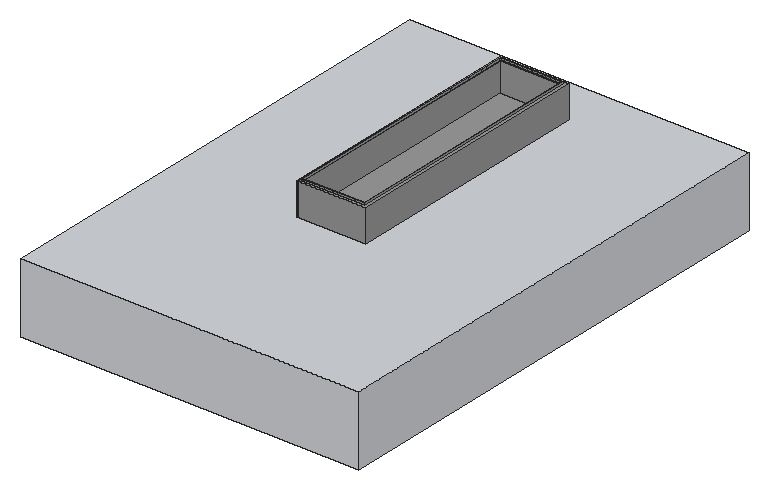
Revit family "Hager-Univers-IP30-D160-1x7rows-Cl.II-FWQ_encl_QS-AT-de", category Equipement électrique, Revit 2020
Family settings
  Hôte = Face
  Configuration du panneau = Deux colonnes, circuits au sein
  Cote de connecteur circulaire = Utiliser le diamètre
  Type d'élément = Tableau de raccordement
  Couper avec des vides une fois chargée = Non
  Partagée = Non
  Point de calcul de pièce = Non
Parameters (values of type "Aufputz IP30 B300 H1100 T160  - FWQ71D1")
  Width Control [instance] = if([EF000008 - Breite] > Min Width, [EF000008 - Breite], Min Width)  # 300 mm
  Commentaires du type = [HG000003 - Bereich]  # "Univers"
  Thickness Door [instance] = if([EF009171 - Materialstärke Tür/Deckel] > 3 mm, 3 mm, [EF009171 - Materialstärke Tür/Deckel])  # 2 mm
  Seal Frame Offset [instance] = 17 mm  # constant formula
  Plinth Visibility [instance] = [HG000027 - Sockelhöhe] > 0 mm  # no
  Model = ""
  Min Width [instance] = 100 mm  # constant formula
  Min Height [instance] = 100 mm  # constant formula
  Min Depth [instance] = (2 * [EF009170 - Materialstärke Gehäuse]) + 1 mm  # 5 mm
  Internal Frame Depth [instance] = (Door System Depth * 0.5)  # 9 mm
  Height Control [instance] = if([EF000040 - Höhe] > Min Height, [EF000040 - Höhe], Min Height)  # 1100 mm
  HG000027 - Sockelhöhe = 0 mm
  HG000026 - Stehend auf dem Boden = no
  HG000024 - Höhe des unteren Teils = 800 mm
  HG000023 - Gehäuse mit doppeltem Querschnitt = no
  HG000016 - 3D-Türsichtbarkeit [instance] = yes
  HG000015 - Sichtbarkeit der Türöffnung [instance] = no
  HG000014 - Tür rechts [instance] = yes
  HG000013 - Tür links [instance] = not([HG000014 - Tür rechts])  # no
  HG000012 - Türschwenkwinkel [instance] = 30.00°
  HG000010 - Asymmetrische Türen = no
  HG000009 - Doppelflügeligen Tür = no
  HG000006 - Unterputz = no
  HG000004 - Herstellerreferenz = "FWQ71D1"
  HG000003 - Bereich = "Univers"
  HG000002 - Mit tür = no
  Frame Offset Bottom [instance] = 10 mm  # constant formula
  Frame Offset [instance] = 15 mm  # constant formula
  EF015940 - Deckel mit Überdruckentlastung = no
  EF011959 - Schutzart (NEMA) = ""
  EF009554 - Anzahl der Öffnungen für Flanschplatten = 2
  Fabricant = "Hager"  # constant formula
  EF009212 - Ausführung Deckel = "EV009916 - mit Ausschnitt"
  EF009171 - Materialstärke Tür/Deckel = 2 mm
  EF009170 - Materialstärke Gehäuse = 2 mm
  EF008873 - Nennstrom (In) = 125 A
  EF007800 - Geeignet für Blitzschutz = no
  EF006306 - Mit Schloss = no
  EF006244 - Transparenter Deckel/Tür = no
  EF005474 - Schutzart (IP) = "EV006410 - IP30"
  EF004464 - Art der Tür = "EV002646 - Einzel"
  EF004427 - Anzahl der Module = 84
  EF004293 - Schlagfestigkeit = ""
  EF003532 - Geeignet für Außengebrauch = no
  EF002950 - Breite in Teilungseinheiten = 12
  EF001613 - Funktionserhalt = "EV000494 - ohne"
  EF001596 - Werkstoff des Gehäuses = "EV000179 - Stahl"
  EF001131 - Innentiefe = 160 mm
  EF001088 - Anbaumöglichkeit = yes
  EF000437 - Anzahl der Leitungseinführungen = 4
  EF000339 - Art der Abdeckung = "EV001012 - Deckel"
  EF000266 - Anzahl der Reihen = 7
  EF000218 - Einbautiefe = 0 mm
  EF000118 - Mit Montageplatte = yes
  EF000116 - RAL-Nummer = "9010"
  EF000049 - Tiefe = 160 mm
  EF000040 - Höhe = 1100 mm
  EF000008 - Breite = 300 mm
  EF000007 - Farbe = "EV000202 - weiß"
  EF000003 - Montageart = "EV000384 - Aufputz"
  Door System Leaf Tolerance [instance] = 1.5 mm  # constant formula
  Door System Depth [instance] = 18 mm  # constant formula
  Door Height [instance] = Height Control - [HG000027 - Sockelhöhe]  # 1100 mm
  Depth Control [instance] = if([EF000049 - Tiefe] > Min Depth, [EF000049 - Tiefe], Min Depth)  # 160 mm
  Default Elevation = 0 mm
  Connector Offset [instance] = Height Control / 2  # 550 mm
  Bottom Top Plate Trim [instance] = 1.5 mm  # constant formula
  Plinth height Ctrl [instance] = if([HG000027 - Sockelhöhe] > 0 mm, [HG000027 - Sockelhöhe], 12 mm)  # 12 mm
Reference planes
  plane 1 "Center (Front/Back)": y = 0
  plane 2: z = 0
  plane 3 "Center (Left/Right)": x = 0
  plane 4: z = 160
  plane 5: y = 2
  plane 6: y = 550
  plane 7: y = 0
  plane 8: y = 1100
  plane 9: z = 0
  plane 10: x = -135
  plane 11: x = 135
  plane 12: x = 133
  plane 13: x = -133
  plane 14: y = 1098
  plane 15: x = -133
  plane 16: x = -150
  plane 17: x = 133
  plane 18: x = 150
  plane 19: x = 148
  plane 20: x = -148
  plane 21: y = 12
  plane 22: y = 1100
  plane 23: y = 1083
  plane 24: z = 142
  plane 25: z = 2
  plane 26: z = 140
  plane 27: z = 158
Forms (mm)
  Extrusion 1, solid
    sketch origin (0, 0, 0) x (1, 0, 0) y (0, 1, 0)
      loop
        line (-702.964, 1305) -> (-702.964, -811.445) -> (766.763, -811.445) -> (766.763, 1305) -> (-702.964, 1305)
    from 0 to -304.8
  Extrusion 2, solid, material "Hager_Steel_RAL7035_Light_Grey", visible <- "Plinth Visibility", detail levels medium+fine
    sketch origin (0, 0, 0) x (1, 0, 0) y (0, 1, 0)
      loop
        line (-150, 0) -> (150, 0) -> (150, 12) -> (-150, 12) -> (-150, 0)
    from 0 to 142
  Extrusion 3, solid, material "Hager_Steel_RAL7035_Light_Grey", detail levels medium+fine
    sketch origin (0, 0, 0) x (1, 0, 0) y (0, 1, 0)
      loop
        line (-150, 0) -> (150, 0) -> (150, 1100) -> (-150, 1100) -> (-150, 0)
    from 0 to 142
  Extrusion 4, void
    sketch origin (0, 0, 0) x (1, 0, 0) y (0, 1, 0)
      loop
        line (-148, 2) -> (148, 2) -> (148, 1098) -> (-148, 1098) -> (-148, 2)
    from 2 to 140
  Extrusion 5, void
    sketch origin (-381.607, -4572, 142) x (0, -1, 0) y (-1, 0, 0)
      loop
        line (-4584, -248.607) -> (-5655, -248.607) -> (-5655, -514.607) -> (-4584, -514.607) -> (-4584, -248.607)
    from 0 to 2 <- "EF009170 - Materialstärke Gehäuse"
  Extrusion 6, solid, material "Hager_Steel_RAL7035_Light_Grey", detail levels fine
    sketch origin (0, 0, 142) x (1, 0, 0) y (0, 1, 0)
      loop
        line (-133, 1083) -> (-133, 12) -> (133, 12) -> (133, 1083) -> (-133, 1083)
      loop
        line (-135, 10) -> (135, 10) -> (135, 1085) -> (-135, 1085) -> (-135, 10)
    from 0 to 9 <- "Internal Frame Depth"
  Extrusion 7, solid, material "Hager_Steel_RAL7035_Light_Grey", detail levels coarse
    sketch origin (0, 0, 0) x (1, 0, 0) y (0, 1, 0)
      loop
        line (-150, 0) -> (150, 0) -> (150, 1100) -> (-150, 1100) -> (-150, 0)
    from 0 to 160
  Sweep 8, void
    path in 3D
      loop
        line (-150, 12, 0) -> (150, 12, 0) -> (150, 12, 142) -> (-150, 12, 142) -> (-150, 12, 0)
    profile origin (-150, 12, 71) x (-1, 0, 0) y (0, -1, 0)
      loop
        line (0, 0) -> (0, 1.5) -> (-1.5, 1.5)
        arc (-1.5, 1.5) -> (-1.061, 0.439) -> (0, 0) r 1.5
Cuts and joins
  Extrusion 4, Extrusion 5 cuts Extrusion 3
  Sweep 8 cuts Extrusion 2
Lines and regions (mm)
  Masking region 1
    outline origin (0, 0, 0) x (1, 0, 0) y (0, 0, 1)
      loop
        line (-150, 160) -> (-150, 0) -> (150, 0) -> (150, 160) -> (-150, 160)
  Masking region 2, detail levels medium+fine
    outline origin (0, 140, 0) x (0, 1, 0) y (0, 0, 1)
      loop
        line (-140, 0) -> (960, 0) -> (960, 142) -> (-140, 142) -> (-140, 0)
  Masking region 3, not visible, detail levels medium+fine
    outline origin (0, 297.922, 0) x (0, 1, 0) y (0, 0, 1)
      loop
        line (263.578, 0) -> (303.578, 0) -> (303.578, 148)
        arc (303.578, 148) -> (300.649, 155.071) -> (293.578, 158) r 10
        line (293.578, 158) -> (263.578, 158) -> (263.578, 0)
  Masking region 4, detail levels coarse
    outline origin (0, 0, 180) x (0, 1, 0) y (0, 0, 1)
      loop
        line (0, -180) -> (1100, -180) -> (1100, -20) -> (0, -20) -> (0, -180)
  Masking region 5, visible <- "Plinth Visibility", detail levels medium+fine
    outline origin (0, 52.24, 12.345) x (0, 0, -1) y (0, 1, 0)
      loop
        line (10.845, -40.24) -> (-128.155, -40.24)
        arc (-128.155, -40.24) -> (-128.594, -41.301) -> (-129.655, -41.74) r 1.5
        line (-129.655, -41.74) -> (-129.655, -52.24) -> (12.345, -52.24) -> (12.345, -41.74)
        arc (12.345, -41.74) -> (11.285, -41.301) -> (10.845, -40.24) r 1.5
  Masking region 6, detail levels medium+fine
    outline origin (-381.607, -4572, 142) x (-1, 0, 0) y (0, -1, 0)
      loop
        line (-231.607, -5672) -> (-231.607, -4572) -> (-531.607, -4572) -> (-531.607, -5672) -> (-231.607, -5672)
  Masking region 7, visible <- "Plinth Visibility", detail levels medium+fine
    outline origin (-381.607, -4727, 142) x (-1, 0, 0) y (0, -1, 0)
      loop
        arc (-233.107, -4739) -> (-232.668, -4737.939) -> (-231.607, -4737.5) r 1.5
        line (-231.607, -4737.5) -> (-231.607, -4727) -> (-531.607, -4727) -> (-531.607, -4737.5)
        arc (-531.607, -4737.5) -> (-530.546, -4737.939) -> (-530.107, -4739) r 1.5
        line (-530.107, -4739) -> (-233.107, -4739)
  Masking region 8, detail levels coarse
    outline origin (-442.548, -4669.526, 142) x (-1, 0, 0) y (0, -1, 0)
      loop
        line (-292.548, -5769.526) -> (-292.548, -4669.526) -> (-592.548, -4669.526) -> (-592.548, -5769.526) -> (-292.548, -5769.526)
  sketch lines
    curve 1: line (-150, 12, 142) -> (-150, 12, 0)
    curve 2: line (150, 12, 142) -> (-150, 12, 142)
    curve 3: line (150, 12, 142) -> (150, 12, 0)
    curve 4: line (-150, 12, 0) -> (150, 12, 0)
Dimensions and locks
  "Depth Control": plane 4 to Extrusion 1
  "HG000027 - Sockelhöhe": plane 1 "Center (Front/Back)" to plane 7
  "EF009170 - Materialstärke Gehäuse": plane 5 to plane 7
  locked: connector elem to plane 3 "Center (Left/Right)"
  equal spacing: plane 8, plane 6, plane 7
  locked: connector elem to plane 6
  "EF009170 - Materialstärke Gehäuse": plane 8 to plane 14
  "EF009170 - Materialstärke Gehäuse": plane 10 to plane 13
  "EF009170 - Materialstärke Gehäuse": plane 12 to plane 11
  "Frame Offset": plane 20 to plane 13
  "Frame Offset": plane 12 to plane 19
  "EF009170 - Materialstärke Gehäuse": plane 16 to plane 20
  "EF009170 - Materialstärke Gehäuse": plane 19 to plane 18
  "Seal Frame Offset": plane 16 to plane 15
  "Seal Frame Offset": plane 17 to plane 18
  "Frame Offset Bottom": plane 21 to plane 5
  "Frame Offset": plane 14 to plane 23
  equal spacing: plane 16, plane 3 "Center (Left/Right)", plane 18
  "Width Control": plane 16 to plane 18
  "EF009170 - Materialstärke Gehäuse": plane 4 to plane 27
  "EF009170 - Materialstärke Gehäuse": plane 24 to plane 26
  "EF009170 - Materialstärke Gehäuse": plane 25 to level
  "Door System Depth": plane 4 to plane 24
  "Height Control": plane 1 "Center (Front/Back)" to Extrusion 7 sketch curve
  "Height Control": Masking region 4 sketch curve to plane 1 "Center (Front/Back)"
  "Height Control": plane 1 "Center (Front/Back)" to plane 22
  "Bottom Top Plate Trim": profile plane to Sweep 8 sketch curve
  "Bottom Top Plate Trim": Sweep 8 sketch curve to profile plane
  "Plinth height Ctrl": plane 1 "Center (Front/Back)" to Extrusion 2 sketch curve
  "Plinth height Ctrl": Masking region 5 sketch curve to plane 1 "Center (Front/Back)"
  "Plinth height Ctrl": plane 1 "Center (Front/Back)" to Masking region 7 sketch curve
  "Thickness Door": Extrusion 6 sketch curve to Extrusion 6 sketch curve  (x3)
  "Thickness Door": cut or joined group of Extrusion 3, Extrusion 4, Extrusion 5 to Extrusion 6 sketch curve
  radius of Masking region 3 sketch curve = 10 mm
  "Bottom Top Plate Trim": radius of Masking region 5 sketch curve  (x2)
  "Bottom Top Plate Trim": radius of Sweep 8 sketch curve
  "Bottom Top Plate Trim": radius of Masking region 7 sketch curve  (x2)
  aligned and locked: plane 2 to Extrusion 1
  aligned and locked: level to Extrusion 1
  aligned and locked: level to Masking region 1 sketch curve
  aligned and locked: Masking region 1 sketch curve to plane 18
  aligned and locked: Masking region 1 sketch curve to plane 16
  aligned and locked: plane 7 to Masking region 2 sketch curve
  aligned and locked: level to Masking region 3 sketch curve
  aligned and locked: Masking region 3 sketch curve to plane 27
  aligned and locked: level to Masking region 2 sketch curve
  aligned and locked: plane 1 "Center (Front/Back)" to Extrusion 2 sketch curve
  aligned and locked: Extrusion 3 sketch curve to plane 7
  aligned and locked: plane 16 to Extrusion 3 sketch curve
  aligned and locked: plane 18 to Extrusion 3 sketch curve
  aligned and locked: plane 20 to Extrusion 4 sketch curve
  aligned and locked: plane 19 to Extrusion 4 sketch curve
  aligned and locked: Extrusion 4 sketch curve to plane 5
  aligned and locked: Extrusion 4 to plane 25
  aligned and locked: plane 26 to Extrusion 4
  aligned and locked: plane 24 to Extrusion 3
  aligned and locked: plane 21 to Extrusion 5 sketch curve
  aligned and locked: Extrusion 5 sketch curve to plane 13
  aligned and locked: Extrusion 5 sketch curve to plane 12
  aligned and locked: plane 18 to Extrusion 7 sketch curve
  aligned and locked: plane 1 "Center (Front/Back)" to Extrusion 7 sketch curve
  aligned and locked: plane 16 to Extrusion 7 sketch curve
  aligned and locked: plane 4 to Extrusion 7
  aligned and locked: Extrusion 7 to level
  aligned and locked: level to Masking region 4 sketch curve
  aligned and locked: Masking region 4 sketch curve to plane 1 "Center (Front/Back)"
  aligned and locked: Masking region 4 sketch curve to plane 4
  aligned and locked: nested 1 to level
  aligned and locked: nested 1 to plane 16
  aligned and locked: plane 8 to Extrusion 3 sketch curve
  aligned and locked: plane 23 to Extrusion 5 sketch curve
  aligned and locked: plane 14 to Extrusion 4 sketch curve
  aligned and locked: Masking region 2 sketch curve to plane 8
  aligned and locked: level to Masking region 5 sketch curve
  aligned and locked: plane 16 to Extrusion 2 sketch curve
  aligned and locked: plane 18 to Extrusion 2 sketch curve
  aligned and locked: Masking region 5 sketch curve to plane 24
  aligned and locked: Masking region 2 sketch curve to plane 24
  aligned and locked: plane 24 to Extrusion 2
  aligned and locked: profile plane to Sweep 8 sketch curve  (x2)
  aligned and locked: Masking region 6 sketch curve to plane 18
  aligned and locked: Masking region 6 sketch curve to plane 22
  aligned and locked: Masking region 6 sketch curve to plane 16
  aligned and locked: plane 8 to plane 22
  aligned and locked: plane 7 to Masking region 6 sketch curve
  aligned and locked: Masking region 7 sketch curve to plane 16
  aligned and locked: Masking region 7 sketch curve to plane 1 "Center (Front/Back)"
  aligned and locked: Masking region 7 sketch curve to plane 18
  aligned and locked: Masking region 8 sketch curve to plane 1 "Center (Front/Back)"
  aligned and locked: Masking region 8 sketch curve to plane 18
  aligned and locked: Masking region 8 sketch curve to plane 22
  aligned and locked: Masking region 8 sketch curve to plane 16
  aligned and locked: nested 2 to plane 7
  aligned and locked: plane 3 "Center (Left/Right)" to nested 2
  aligned and locked: plane 24 to nested 2
  aligned and locked: Extrusion 6 sketch curve to cut or joined group of Extrusion 3, Extrusion 4, Extrusion 5  (x4)
Automatic sketch dimensions
  Extrusion 1 sketch curve to Extrusion 1 sketch curve = 1469.727 mm
  Extrusion 1 sketch curve to Extrusion 1 sketch curve = 2116.445 mm
  Masking region 1 sketch curve to plane 4 = 0 mm
  plane 6 to Masking region 3 sketch curve = 11.5 mm
  Masking region 3 sketch curve to Masking region 3 sketch curve = 30 mm
  Masking region 5 sketch curve to plane 1 "Center (Front/Back)" = 0 mm
Nested families
  nested 1: "Hager_Enclosure_Symbol" at (-150, 0, 0) x (1, 0, 0) z (0, -1, 0), Height <- "Depth Control", Width <- "Width Control", type "Hager_Enclosure_Symbol"
    with Width_Ctrl 300 mm, Width 300 mm, Height_Ctrl 160 mm, Height 160 mm, A_Width_Int 10.5 mm, A_Width 126 mm, A_Height_Ctrl 140 mm, A_Height 140 mm
  nested 2: "EC000058_Univers_Door" at (0, 0, 142) x (1, 0, 0) z (0, 1, 0), Leaf_Tolerance <- "Door System Leaf Tolerance", Angle <- "HG000012 - Türschwenkwinkel", Door_Depth <- "Door System Depth", Door_Left <- "HG000013 - Tür links", Transparent <- "EF006244 - Transparenter Deckel/Tür", Assymetrical <- "HG000010 - Asymmetrische Türen", Width <- "Width Control", Clearance <- "HG000015 - Sichtbarkeit der Türöffnung", Double <- "HG000009 - Doppelflügeligen Tür", 3d_Door <- "HG000016 - 3D-Türsichtbarkeit", Lock_Visibility <- "EF006306 - Mit Schloss", Width_Ctrl <- "Width Control", Door_Right <- "HG000014 - Tür rechts", Door <- "HG000002 - Mit tür", Height <- "Door Height", Thickness <- "Thickness Door", type "EC000058_Univers_Door", detail levels medium+fine
    with min_wh 5 mm, Width_Ctrl 300 mm, Width 300 mm, Transparent no, Thickness 2 mm, Seal_Material Hager_Rubber, Lock_Visibility no, Lock_Material Hager_Plastic_RAL9005_Jet_Black, Leaf_Width 300 mm, Leaf_Tolerance_External_Sides 0 mm, Leaf_Tolerance 1.5 mm, Leaf_Offset 0 mm, Leaf_Height 1097 mm, Leaf_2_Width 300 mm, Leaf_2_Offset 150 mm, Leaf_1_Width 300 mm, Leaf_1_Offset 150 mm, Height_Ctrl 1100 mm, Height 1100 mm, Glass_Material Hager_Glass, Double_Clearance_Ctrl no, Double no, Door_Right_Ctrl no, Door_Right yes, Door_Material Hager_Steel_RAL7035_Light_Grey, Door_Left_Ctrl no, Door_Left no, Door_Depth 18 mm, Door no, Clearance_Material Hager_Clearance, Clearance_Depth 300 mm, Clearance_Ctrl no, Clearance no, Assymetrical no, Angle 30.00°, 3d_Door yes
Connectors
  electrical at (0, 550, 0)
    settings: on plane 9, index 1, voltage 0 V, apparent load 0 VA, apparent load phase1 0 VA, apparent load phase2 0 VA, apparent load phase3 0 VA, power factor 1, load classification "Other", number of poles 1, system type 30, power factor state 1, is connector primary yes, connector utility no, sub classification motor no, connector description ""
Definition of nested family "Hager_Enclosure_Symbol"
  Parameters (values of type "Hager_Enclosure_Symbol")
    Width_Ctrl [instance] = if(Width > 1 mm, Width, 1 mm)  # 102.27 mm
    Width [instance] = 102.27 mm
    Height_Ctrl [instance] = if(Height > 1 mm, Height, 1 mm)  # 66.5 mm
    A_Width_Int [instance] = if(A_Width / 12 > 2 mm, A_Width / 12, 2 mm)  # 4.364 mm
    A_Width [instance] = if(A_Height_Ctrl * 0.9 > 2 mm, A_Height_Ctrl * 0.9, 2 mm)  # 52.369 mm
    A_Height_Ctrl [instance] = if(A_Height > 2 mm, A_Height, 2 mm)  # 58.188 mm
    Height [instance] = 66.5 mm
    A_Height [instance] = Height - (Height / 8)  # 58.188 mm
  Reference planes
    plane 1 "Centre (avant/arrière)": y = 0
    plane 2: z = 0
    plane 3 "Centre (gauche/droite)": x = 0
    plane 4: x = 52.369
    plane 5: y = 33.042
    plane 6: y = 41.77
    plane 7: y = 66.5
    plane 8: x = 26.184
    plane 9: y = 37.406
    plane 10: x = 102.27
    plane 11: y = 66.5
    plane 12: y = 8.313
  Lines and regions (mm)
    Filled region 1, type "Solid_Black", in view "Niveau de réf."
      outline origin (0, 0, 0) x (1, 0, 0) y (0, 1, 0)
        loop
          line (52.369, 66.5) -> (33.188, 54.536) -> (45.365, 45.006) -> (52.369, 66.5)
    Filled region 2, type "Solid_Black", in view "Niveau de réf."
      outline origin (0, 0, 0) x (1, 0, 0) y (0, 1, 0)
        loop
          line (0, 0) -> (102.27, 0) -> (102.27, 66.5) -> (0, 0)
    detail lines, in view "Niveau de réf."
      curve 1: line (0, 8.313, 0) -> (26.184, 41.77, 0)
      curve 2: line (26.184, 41.77, 0) -> (26.184, 33.042, 0)
      curve 3: line (26.184, 33.042, 0) -> (52.369, 66.5, 0)
  Dimensions and locks
    "A_Width": plane 3 "Centre (gauche/droite)" to plane 4
    equal spacing: plane 3 "Centre (gauche/droite)", plane 8, plane 4
    equal spacing: plane 6, plane 9, plane 5
    equal spacing: curve 3, Filled region 1 sketch curve, Filled region 1 sketch curve
    "Height_Ctrl": plane 1 "Centre (avant/arrière)" to plane 11
    "A_Height_Ctrl": plane 11 to plane 12
    equal spacing: plane 11, plane 9, plane 12
    "A_Width_Int": plane 6 to plane 9
    "Width_Ctrl": plane 3 "Centre (gauche/droite)" to plane 10
    angle Filled region 1 sketch curve to curve 3 = 20.00°
    angle curve 3 to Filled region 1 sketch curve = 20.00°
    locked: curve 3 to Filled region 1 sketch curve (angle 90.00°)
    aligned and locked: plane 10 to Filled region 2
    aligned and locked: plane 11 to Filled region 2 sketch curve
    aligned and locked: plane 10 to Filled region 2 sketch curve
    aligned and locked: plane 3 "Centre (gauche/droite)" to curve 1
    aligned and locked: plane 12 to curve 1
    aligned and locked: plane 7 to plane 11
  Automatic sketch dimensions
    Filled region 1 sketch curve to plane 4 = 0 mm
    Filled region 1 sketch curve to plane 7 = 0 mm
    plane 1 "Centre (avant/arrière)" to Filled region 2 sketch curve = 0 mm
    Filled region 2 sketch curve to plane 3 "Centre (gauche/droite)" = 0 mm
    curve 2 to plane 6 = 0 mm
    curve 2 to plane 8 = 0 mm
    curve 3 to plane 4 = 0 mm
    curve 2 to plane 5 = 0 mm
    curve 3 to plane 7 = 0 mm
Definition of nested family "EC000058_Univers_Door"
  Parameters (values of type "EC000058_Univers_Door")
    min_wh [instance] = (2 * Thickness) + 1 mm  # 11 mm
    Width_Ctrl [instance] = 400 mm
    Width [instance] = 500 mm
    Transparent [instance] = yes
    Thickness [instance] = 5 mm
    Seal_Material [instance] = none
    Lock_Visibility [instance] = yes
    Lock_Material [instance] = none
    Leaf_Width [instance] = if((Width_Ctrl - 2 * Leaf_Tolerance_External_Sides) > 0 mm, (Width_Ctrl - 2 * Leaf_Tolerance_External_Sides), min_wh)  # 400 mm
    Leaf_Tolerance_External_Sides [instance] = 0 mm  # constant formula
    Leaf_Tolerance [instance] = 1.5 mm
    Leaf_Offset [instance] = 0 mm  # constant formula
    Leaf_Height [instance] = if((Height_Ctrl - 2 * Leaf_Tolerance) > 0 mm, (Height_Ctrl - 2 * Leaf_Tolerance), min_wh)  # 497 mm
    Leaf_2_Width [instance] = if(and(and(Double, Assymetrical), Door_Left), (Leaf_Width / 3) - (Leaf_Tolerance / 2), if(and(and(Double, Assymetrical), Door_Right), (Leaf_Width / 3) * 2 - (Leaf_Tolerance / 2), if(and(Double, not(Assymetrical)), (Leaf_Width / 2) - Leaf_Tolerance, Leaf_Width)))  # 400 mm
    Leaf_2_Offset [instance] = if(and(Double, Assymetrical), Leaf_2_Width / 2, if(and(Double, not(Assymetrical)), Leaf_Width / 4, Leaf_Width / 2))  # 200 mm
    Leaf_1_Width [instance] = if(and(and(Double, Assymetrical), Door_Right), (Leaf_Width / 3) - (Leaf_Tolerance / 2), if(and(and(Double, Assymetrical), Door_Left), (Width / 3) * 2 - (Leaf_Tolerance / 2), if(and(Double, not(Assymetrical)), (Leaf_Width / 2) - Leaf_Tolerance, Leaf_Width)))  # 400 mm
    Leaf_1_Offset [instance] = if(and(Double, Assymetrical), Leaf_1_Width / 2, if(and(Double, not(Assymetrical)), Leaf_Width / 4, Leaf_Width / 2))  # 200 mm
    Height_Ctrl [instance] = if(Height > min_wh, Height, min_wh)  # 500 mm
    Height [instance] = 500 mm
    Glass_Material [instance] = none
    Double_Clearance_Ctrl [instance] = and(Double, Clearance)  # no
    Double [instance] = no
    Door_Right_Ctrl [instance] = and(or(Door_Right, Double), Door)  # yes
    Door_Right [instance] = yes
    Door_Material [instance] = none
    Door_Left_Ctrl [instance] = and(or(Door_Left, Double), Door)  # no
    Door_Left [instance] = no
    Door_Depth [instance] = 30 mm
    Door [instance] = yes
    Default Elevation = 1219.2 mm
    Clearance_Material [instance] = none
    Clearance_Depth [instance] = if(Leaf_1_Width > Leaf_2_Width, Leaf_1_Width, Leaf_2_Width)  # 400 mm
    Clearance_Ctrl [instance] = and(not(Double), Clearance)  # yes
    Clearance [instance] = yes
    Assymetrical [instance] = yes
    Angle [instance] = 30.00°
    3d_Door [instance] = yes
  Reference planes
    plane 1 "Center (Front/Back)": y = 0
    plane 2 "Bottom": z = 0
    plane 3 "Center (Left/Right)": x = 0
    plane 4: z = 500
    plane 5: x = -200
    plane 6: x = 200
    plane 7: z = 500
    plane 8: x = -200
    plane 9: z = 0
    plane 10: x = 200
    plane 11: y = 0
    plane 12: z = 1.5
    plane 13: x = -600
    plane 14: y = -400
    plane 15: x = 600
    plane 16: x = 0
    plane 17: x = 0
    plane 18: x = -200
    plane 19: x = 200
    plane 20: z = 498.5
  Forms (mm)
    Extrusion 1, solid, material <- "Clearance_Material", visible <- "Double_Clearance_Ctrl"
      sketch origin (1200, 0, 0) x (1, 0, 0) y (0, 0, -1)
        loop
          line (-1800, -498.5) -> (-600, -498.5) -> (-600, 0) -> (-1800, 0) -> (-1800, -498.5)
      from 0 to -400
  Dimensions and locks
    equal spacing: plane 5, plane 3 "Center (Left/Right)", plane 6
    "Width_Ctrl": plane 5 to plane 6
    "Leaf_Offset": plane 5 to plane 8
    "Leaf_Offset": plane 6 to plane 10
    "Leaf_Offset": plane 9 to level
    "Leaf_Offset": plane 4 to plane 7
    "Height_Ctrl": plane 4 to level
    "Leaf_Tolerance": plane 12 to plane 9
    locked: plane 11 to plane 1 "Center (Front/Back)"
    "Leaf_1_Offset": plane 18 to plane 16
    "Leaf_2_Offset": plane 17 to plane 19
    "Leaf_1_Width": plane 13 to plane 8
    "Leaf_2_Width": plane 10 to plane 15
    "Clearance_Depth": plane 14 to plane 1 "Center (Front/Back)"
    "Leaf_Tolerance_External_Sides": plane 8 to plane 18
    "Leaf_Tolerance_External_Sides": plane 19 to plane 10
    "Leaf_Tolerance": plane 7 to plane 20
    aligned and locked: level to plane 2 "Bottom"
    aligned and locked: nested 1 to plane 16
    aligned and locked: nested 2 to plane 17
    aligned and locked: Extrusion 1 to plane 13
    aligned and locked: plane 15 to Extrusion 1
    aligned and locked: Extrusion 1 to plane 14
    aligned and locked: plane 12 to nested 1
    aligned and locked: nested 2 to plane 12
    aligned and locked: Extrusion 1 to plane 11
    aligned and locked: plane 20 to Extrusion 1
    aligned and locked: nested 2 to plane 11
    aligned and locked: nested 1 to plane 11
  Automatic sketch dimensions
    Extrusion 1 sketch curve to level = 0 mm
    plane 5 to Extrusion 1 sketch curve = 400 mm
    plane 6 to Extrusion 1 sketch curve = 400 mm
    Extrusion 1 sketch curve to plane 4 = 1.5 mm
  Nested families
    nested 1: "EC000058_Univers_Door_Leaf" at (0, 0, 1.5), Width <- "Leaf_1_Width", visible <- "Door_Left_Ctrl", Leaf_Height <- "Leaf_Height", Angle <- "Angle", 3d_Door <- "3d_Door", Transparent <- "Transparent", Clearance Material <- "Clearance_Material", Clearance <- "Clearance_Ctrl", Door_Material <- "Door_Material", Glass_Material <- "Glass_Material", Door_Depth <- "Door_Depth", Lock_Material <- "Lock_Material", Seal_Material <- "Seal_Material", Lock_Visibility <- "Lock_Visibility", Thickness <- "Thickness", type "EC000058_Univers_Door_Leaf"
      with Width 400 mm, Transparent_Glass_Offset 30 mm, Transparent_Ctrl yes, Transparent yes, Thickness 5 mm, Standard no, Seal_Material none, Seal_D2 8 mm, Seal_D1 1 mm, Offset_Internal_Frame 10 mm, Lock_Width 20 mm, Lock_Visibility_3d yes, Lock_Visibility yes, Lock_Thickness_3 3 mm, Lock_Thickness_2 1 mm, Lock_Thickness_1 3 mm, Lock_Radius_Offset_2 16 mm, Lock_Radius_Offset_1 15 mm, Lock_Radius_2 5 mm, Lock_Radius 6 mm, Lock_Offset 5 mm, Lock_Material none, Lock_Height 80 mm, Lock_Cover_Top_Offset_2d 17 mm, Lock_Cover_Height -65 mm, Leaf_Height 497 mm, Internal_Seal_Thickness 8 mm, Internal_Seal_Depth_2 4.5 mm, Internal_Frame_Depth 25 mm, Glass_Thickness -1 mm, Glass_Offset -2 mm, Glass_Material none, Door_Material none, Door_Depth 30 mm, Clearance Material none, Clearance yes, Angle_Ctrl 30.00°, Angle 30.00°, 3d_Door yes
    nested 2: "EC000058_Univers_Door_Leaf" at (0, 0, 1.5) x (-1, 0, 0) z (0, 0, 1), Width <- "Leaf_2_Width", visible <- "Door_Right_Ctrl", Leaf_Height <- "Leaf_Height", Angle <- "Angle", 3d_Door <- "3d_Door", Transparent <- "Transparent", Clearance Material <- "Clearance_Material", Clearance <- "Clearance_Ctrl", Door_Material <- "Door_Material", Glass_Material <- "Glass_Material", Door_Depth <- "Door_Depth", Lock_Material <- "Lock_Material", Seal_Material <- "Seal_Material", Lock_Visibility <- "Lock_Visibility", Thickness <- "Thickness", type "EC000058_Univers_Door_Leaf"
      with Width 400 mm, Transparent_Glass_Offset 30 mm, Transparent_Ctrl yes, Transparent yes, Thickness 5 mm, Standard no, Seal_Material none, Seal_D2 8 mm, Seal_D1 1 mm, Offset_Internal_Frame 10 mm, Lock_Width 20 mm, Lock_Visibility_3d yes, Lock_Visibility yes, Lock_Thickness_3 3 mm, Lock_Thickness_2 1 mm, Lock_Thickness_1 3 mm, Lock_Radius_Offset_2 16 mm, Lock_Radius_Offset_1 15 mm, Lock_Radius_2 5 mm, Lock_Radius 6 mm, Lock_Offset 5 mm, Lock_Material none, Lock_Height 80 mm, Lock_Cover_Top_Offset_2d 17 mm, Lock_Cover_Height -65 mm, Leaf_Height 497 mm, Internal_Seal_Thickness 8 mm, Internal_Seal_Depth_2 4.5 mm, Internal_Frame_Depth 25 mm, Glass_Thickness -1 mm, Glass_Offset -2 mm, Glass_Material none, Door_Material none, Door_Depth 30 mm, Clearance Material none, Clearance yes, Angle_Ctrl 30.00°, Angle 30.00°, 3d_Door yes
  Definition of nested family "EC000058_Univers_Door_Leaf"
    Parameters (values of type "EC000058_Univers_Door_Leaf")
      Width [instance] = 2000 mm
      Transparent_Glass_Offset [instance] = 30 mm
      Transparent_Ctrl [instance] = and(Transparent, [3d_Door])  # yes
      Transparent [instance] = yes
      Thickness [instance] = 5 mm
      Standard [instance] = and(not(Transparent), [3d_Door])  # no
      Seal_Material [instance] = none
      Seal_D2 [instance] = 8 mm  # constant formula
      Seal_D1 [instance] = 1 mm  # constant formula
      Offset_Internal_Frame [instance] = 10 mm  # constant formula
      Lock_Width [instance] = 20 mm  # constant formula
      Lock_Visibility_3d [instance] = and(Lock_Visibility, [3d_Door])  # yes
      Lock_Visibility [instance] = yes
      Lock_Thickness_3 [instance] = 3 mm  # constant formula
      Lock_Thickness_2 [instance] = 1 mm  # constant formula
      Lock_Thickness_1 [instance] = 3 mm  # constant formula
      Lock_Radius_Offset_2 [instance] = Lock_Radius_Offset_1 + 1 mm  # 16 mm
      Lock_Radius_Offset_1 [instance] = 15 mm  # constant formula
      Lock_Radius_2 [instance] = Lock_Radius - 1 mm  # 5 mm
      Lock_Radius [instance] = 6 mm  # constant formula
      Lock_Offset [instance] = 5 mm  # constant formula
      Lock_Material [instance] = none
      Lock_Height [instance] = 80 mm  # constant formula
      Lock_Cover_Top_Offset_2d [instance] = Lock_Radius_Offset_2 + 1 mm  # 17 mm
      Lock_Cover_Height [instance] = -(Lock_Height - Lock_Radius_Offset_1)  # -65 mm
      Leaf_Height [instance] = 2720.336 mm
      Internal_Seal_Thickness [instance] = 8 mm  # constant formula
      Internal_Seal_Depth_2 [instance] = 4.5 mm  # constant formula
      Internal_Frame_Depth [instance] = if(Door_Depth - Thickness > 5 mm, Door_Depth - Thickness, 5 mm)  # 25 mm
      Glass_Thickness [instance] = if(Thickness > 15 mm, Glass_Offset + 10 mm, -1 mm)  # -1 mm
      Glass_Offset [instance] = if(Thickness > 15 mm, -(Thickness + 10 mm) / 2, -2 mm)  # -2 mm
      Glass_Material [instance] = none
      Door_Material [instance] = none
      Door_Depth [instance] = 30 mm
      Default Elevation = 0 mm
      Clearance Material [instance] = none
      Clearance [instance] = yes
      Angle_Ctrl [instance] = if(Angle > 180.00°, 180.00°, Angle)  # 90.00°
      Angle [instance] = 90.00°
      3d_Door [instance] = yes
    Reference planes
      plane 1 "Center (Front/Back)": y = 0
      plane 2: z = 0
      plane 3 "Center (Left/Right)": x = 0
      plane 4: y = 2000
      plane 5: x = -1000
      plane 6: x = 1000
      plane 7: x = -3000
      plane 8: z = 2720.336
      plane 9: z = 30
      plane 10: z = 2690.336
      plane 11: x = 970
      plane 12: x = -970
      plane 13: y = -3
      plane 14: z = 107.833
      plane 15: y = -5
      plane 16: y = -223.314
      plane 17: x = -1000
      plane 18: z = 1360.168
      plane 19: y = 30
    Forms (mm)
      Extrusion 1, solid, material <- "Clearance Material", visible <- "Clearance"
        sketch origin (0, 0, 0) x (1, 0, 0) y (0, 0, 1)
          loop
            line (-3000, 2720.336) -> (-3000, 0) -> (1000, 0) -> (1000, 2720.336) -> (-3000, 2720.336)
        from 0 to -2000
      Extrusion 2, solid, material <- "Door_Material", visible <- "Standard", detail levels medium+fine
        sketch origin (-1000, 0, 0) x (0, 1, 0) y (-1, 0, 0)
          loop
            line (0, 30) -> (0, 25) -> (2000, 25) -> (2000, 30) -> (0, 30)
        from 0 to 2720.336 <- "Leaf_Height"
      Extrusion 3, solid, material <- "Door_Material", visible <- "Transparent_Ctrl", detail levels medium+fine
        sketch origin (-1000, 0, 0) x (0, 1, 0) y (-1, 0, 0)
          loop
            line (0, 25) -> (2000, 25) -> (2000, 30) -> (0, 30) -> (0, 25)
        from 0 to 2720.336 <- "Leaf_Height"
      Extrusion 4, void
        sketch origin (-1025, 2000, 0) x (0, 1, 0) y (0, 0, -1)
          loop
            line (-30, -2690.336) -> (-30, -30) -> (-1970, -30) -> (-1970, -2690.336) -> (-30, -2690.336)
        from 0 to 5 <- "Thickness"
      Sweep 5, solid, material <- "Seal_Material", visible <- "Transparent_Ctrl", detail levels fine
        path in 3D
          loop
            line (-1025, 30, 30) -> (-1025, 30, 2690.336) -> (-1025, 1970, 2690.336) -> (-1025, 1970, 30) -> (-1025, 30, 30)
        profile origin (-1025, 1000, 30) x (1, 0, 0) y (0, 0, 1)
          loop
            line (0, 0) -> (0, -8) -> (1, -8) -> (1, 0) -> (0, 0)
      Extrusion 6, solid, material <- "Glass_Material", visible <- "Transparent_Ctrl", detail levels medium+fine
        sketch origin (-1030, 0, 0) x (0, 1, 0) y (0, 0, -1)
          loop
            line (1970, -2690.336) -> (1970, -30) -> (30, -30) -> (30, -2690.336) -> (1970, -2690.336)
        from -2 <- "Glass_Offset" to -1 <- "Glass_Thickness"
      Extrusion 7, solid, material <- "Door_Material", visible <- "3d_Door", detail levels medium+fine
        sketch origin (-1025, 2000, 0) x (0, -1, 0) y (0, 0, -1)
          loop
            line (0, -2720.336) -> (2000, -2720.336) -> (2000, 0) -> (0, 0) -> (0, -2720.336)
          loop
            line (1995, -5) -> (5, -5) -> (5, -2715.336) -> (1995, -2715.336) -> (1995, -5)
        from 0 to 25 <- "Internal_Frame_Depth"
      Sweep 8, solid, material <- "Seal_Material", visible <- "Transparent_Ctrl", detail levels fine
        path in 3D
          loop
            line (-1025, 0, 0) -> (-1025, 2000, 0) -> (-1025, 2000, 2720.336) -> (-1025, 0, 2720.336) -> (-1025, 0, 0)
        profile origin (-1025, 0, 1360.168) x (1, 0, 0) y (0, 1, 0)
          loop
            line (0, 10) -> (2.975, 10)
            arc (2.975, 10) -> (4.053, 10.447) -> (4.5, 11.525) r 1.525
            line (4.5, 11.525) -> (4.5, 16.527)
            arc (4.5, 16.527) -> (4.069, 17.569) -> (3.027, 18) r 1.473
            line (3.027, 18) -> (0, 18) -> (0, 10)
      Extrusion 9, solid, material <- "Lock_Material", visible <- "Lock_Visibility_3d", detail levels fine
        sketch origin (-1030, 0, 0) x (0, 1, 0) y (0, 0, -1)
          loop
            arc (1993.5, -1400.168) -> (1994.561, -1399.729) -> (1995, -1398.668) r 1.5
            line (1995, -1398.668) -> (1995, -1320.168) -> (1975, -1320.168) -> (1975, -1398.668)
            arc (1975, -1398.668) -> (1975.439, -1399.729) -> (1976.5, -1400.168) r 1.5
            line (1976.5, -1400.168) -> (1993.5, -1400.168)
        from 3 <- "Lock_Thickness_1" to 0
      Blend 10, solid, material <- "Lock_Material", visible <- "Lock_Visibility_3d", detail levels fine
        base sketch origin (-1033, 0, 0) x (0, 1, 0) y (0, 0, -1)
          loop
            line (1975, -1320.168) -> (1975, -1398.668)
            arc (1975, -1398.668) -> (1975.439, -1399.729) -> (1976.5, -1400.168) r 1.5
            line (1976.5, -1400.168) -> (1993.5, -1400.168)
            arc (1993.5, -1400.168) -> (1994.561, -1399.729) -> (1995, -1398.668) r 1.5
            line (1995, -1398.668) -> (1995, -1320.168) -> (1975, -1320.168)
        top sketch origin (-1033, 0, 0) x (0, 1, 0) y (0, 0, -1)
          loop
            line (1976, -1320.168) -> (1976, -1398.668)
            arc (1976, -1398.668) -> (1976.146, -1399.022) -> (1976.5, -1399.168) r 0.5
            line (1976.5, -1399.168) -> (1993.5, -1399.168)
            arc (1993.5, -1399.168) -> (1993.854, -1399.022) -> (1994, -1398.668) r 0.5
            line (1994, -1398.668) -> (1994, -1320.168) -> (1976, -1320.168)
        from 0 to 1 <- "Lock_Thickness_2"
      Blend 11, solid, material <- "Lock_Material", visible <- "Lock_Visibility_3d", detail levels fine
        base sketch origin (-1034, 0, 0) x (0, 1, 0) y (0, 0, -1)
          loop
            line (1978, -1320.168) -> (1978, -1384.168)
            arc (1978, -1384.168) -> (1985, -1391.168) -> (1992, -1384.168) r 7
            line (1992, -1384.168) -> (1992, -1320.168) -> (1978, -1320.168)
        top sketch origin (-1034, 0, 0) x (0, 1, 0) y (0, 0, -1)
          loop
            line (1991, -1320.168) -> (1979, -1320.168) -> (1979, -1383.168)
            arc (1979, -1383.168) -> (1985, -1389.168) -> (1991, -1383.168) r 6
            line (1991, -1383.168) -> (1991, -1320.168)
        from 0 to 3 <- "Lock_Thickness_3"
      Extrusion 12, solid, material <- "Lock_Material", visible <- "Lock_Visibility_3d", detail levels fine
        sketch origin (-1030, 1975, 1320.168) x (1, 0, 0) y (0, -1, 0)
          loop
            line (-7, -19) -> (-7, -1) -> (0, -1) -> (0, 0) -> (-8, 0) -> (-8, -20) -> (0, -20) -> (0, -19) -> (-7, -19)
        from 0 to -65 <- "Lock_Cover_Height"
      Extrusion 13, void
        sketch origin (-1038, 1995, 1320.168) x (-1, 0, 0) y (0, 0, -1)
          loop
            line (-5, -65) -> (0, -65) -> (-5, -60) -> (-5, -65)
        from 0 to 20 <- "Lock_Width"
      Extrusion 14, void
        sketch origin (-1038, 1975, 1320.168) x (0, -1, 0) y (0, 0, -1)
          loop
            circle (-10, -15.995) r 6
          loop
            circle (-10, -15.995) r 5
        from 0 to 2
      Extrusion 15, solid, material <- "Lock_Material", visible <- "Lock_Visibility_3d", detail levels medium
        sketch origin (-1030, 0, 0) x (0, 1, 0) y (0, 0, -1)
          loop
            arc (1993.5, -1400.168) -> (1994.561, -1399.729) -> (1995, -1398.668) r 1.5
            line (1995, -1398.668) -> (1995, -1320.168) -> (1975, -1320.168) -> (1975, -1398.668)
            arc (1975, -1398.668) -> (1975.439, -1399.729) -> (1976.5, -1400.168) r 1.5
            line (1976.5, -1400.168) -> (1993.5, -1400.168)
        from 8 to 0
    Cuts and joins
      Extrusion 4 cuts Extrusion 3
      Extrusion 13, Extrusion 14 cuts Extrusion 9
      Extrusion 14 cuts Blend 11
      Extrusion 13, Extrusion 14 cuts Extrusion 12
      joined: Extrusion 9, Blend 10, Blend 11, Extrusion 12
      Extrusion 14 cuts Extrusion 15
    Lines and regions (mm)
      Masking region 1, visible <- "Lock_Visibility", detail levels fine
        outline origin (0, 0, 0) x (0, 1, 0) y (0, 0, 1)
          loop
            line (30, 1320.168) -> (33, 1320.168) -> (33, 1400.168) -> (30, 1400.168) -> (30, 1320.168)
      Masking region 2, visible <- "Lock_Visibility", detail levels fine
        outline origin (0, 3.143, 0) x (0, 1, 0) y (0, 0, 1)
          loop
            line (29.857, 1354.168) -> (30.857, 1354.168) -> (30.857, 1366.168) -> (29.857, 1366.168) -> (29.857, 1354.168)
      Masking region 3, detail levels medium+fine
        outline origin (0, 0, 0) x (0, 1, 0) y (0, 0, 1)
          loop
            line (0, 0) -> (30, 0) -> (30, 2720.336) -> (0, 2720.336) -> (0, 0)
      Masking region 4, detail levels medium+fine
        outline origin (0, 0, 0) x (1, 0, 0) y (0, 0, 1)
          loop
            line (-1000, 2720.336) -> (-1000, 0) -> (1000, 0) -> (1000, 2720.336) -> (-1000, 2720.336)
      Masking region 5, visible <- "Lock_Visibility", detail levels fine
        outline origin (-47.116, 0, 0) x (1, 0, 0) y (0, 0, 1)
          loop
            arc (1024.616, 1399.168) -> (1023.556, 1398.729) -> (1023.116, 1397.668) r 1.5
            line (1023.116, 1397.668) -> (1023.116, 1320.168) -> (1041.116, 1320.168) -> (1041.116, 1397.668)
            arc (1041.116, 1397.668) -> (1040.677, 1398.729) -> (1039.616, 1399.168) r 1.5
            line (1039.616, 1399.168) -> (1024.616, 1399.168)
      Masking region 6, visible <- "Lock_Visibility", detail levels medium+fine
        outline origin (-25, 0, 0) x (1, 0, 0) y (0, 0, 1)
          loop
            arc (1001.5, 1400.168) -> (1000.439, 1399.729) -> (1000, 1398.668) r 1.5
            line (1000, 1398.668) -> (1000, 1320.168) -> (1020, 1320.168) -> (1020, 1398.668)
            arc (1020, 1398.668) -> (1019.561, 1399.729) -> (1018.5, 1400.168) r 1.5
            line (1018.5, 1400.168) -> (1001.5, 1400.168)
      Masking region 7, visible <- "Lock_Visibility", detail levels fine
        outline origin (-73.735, 0, 0) x (1, 0, 0) y (0, 0, 1)
          loop
            line (1051.735, 1382.168) -> (1065.735, 1382.168) -> (1065.735, 1384.168)
            arc (1065.735, 1384.168) -> (1058.735, 1391.168) -> (1051.735, 1384.168) r 7
            line (1051.735, 1384.168) -> (1051.735, 1382.168)
      Masking region 8, visible <- "Lock_Visibility", detail levels fine
        outline origin (-73.735, 0, 0) x (1, 0, 0) y (0, 0, 1)
          loop
            line (1052.735, 1382.168) -> (1064.735, 1382.168) -> (1064.735, 1383.168)
            arc (1064.735, 1383.168) -> (1058.735, 1389.168) -> (1052.735, 1383.168) r 6
            line (1052.735, 1383.168) -> (1052.735, 1382.168)
      Masking region 9, visible <- "Lock_Visibility", detail levels fine
        outline origin (-25, 0, 0) x (1, 0, 0) y (0, 0, 1)
          loop
            line (1020, 1320.168) -> (1020, 1382.168) -> (1000, 1382.168) -> (1000, 1320.168) -> (1020, 1320.168)
      Masking region 10, detail levels medium+fine
        outline origin (0, 0, 0) x (1, 0, 0) y (0, 0, 1)
          loop
            circle (985, 1335.144) r 6
      Masking region 11, detail levels fine
        outline origin (0, 0, 0) x (1, 0, 0) y (0, 0, 1)
          loop
            circle (985, 1335.144) r 5
      Masking region 12, visible <- "Lock_Visibility", detail levels fine
        outline origin (0, 12.767, 0) x (0, 1, 0) y (0, 0, 1)
          loop
            line (20.233, 1320.168) -> (21.233, 1320.168) -> (21.233, 1399.168) -> (20.233, 1400.168) -> (20.233, 1320.168)
      Masking region 13, visible <- "Lock_Visibility", detail levels fine
        outline origin (0, 13.767, -10) x (0, 1, 0) y (0, 0, 1)
          loop
            line (20.233, 1330.168) -> (23.233, 1330.168) -> (23.233, 1399.168) -> (20.233, 1402.168) -> (20.233, 1330.168)
      Masking region 14, visible <- "Lock_Visibility", detail levels fine
        outline origin (0, 12.767, -10) x (0, 1, 0) y (0, 0, 1)
          loop
            line (20.233, 1330.168) -> (25.233, 1330.168) -> (25.233, 1399.305) -> (20.233, 1394.305) -> (20.233, 1330.168)
      Masking region 15, visible <- "Lock_Visibility", detail levels medium
        outline origin (0, 0, 0) x (0, 1, 0) y (0, 0, 1)
          loop
            line (30, 1320.168) -> (38, 1320.168) -> (38, 1400.168) -> (30, 1400.168) -> (30, 1320.168)
      Masking region 16, visible <- "Lock_Visibility", detail levels fine
        outline origin (-1000, 0, 0) x (0, 1, 0) y (-1, 0, 0)
          loop
            line (1975, 30) -> (1995, 30) -> (1995, 38) -> (1975, 38) -> (1975, 30)
          loop
            line (1979, 37) -> (1976, 37) -> (1976, 34) -> (1978, 34) -> (1979, 37)
          loop
            line (1994, 37) -> (1991, 37) -> (1992, 34) -> (1994, 34) -> (1994, 37)
      Masking region 17, visible <- "Lock_Visibility", detail levels medium
        outline origin (-1000, 0, 0) x (0, 1, 0) y (-1, 0, 0)
          loop
            line (1975, 30) -> (1995, 30) -> (1995, 38) -> (1975, 38) -> (1975, 30)
      symbolic lines
        curve 1: line (1000, 0, 0) -> (-3000, 0, 0)
        curve 2: arc (1000, 0, 0) -> (-1000, 2000, 0) -> (-3000, 0, 0) r 2000
        curve 4: line (-1030, 0, 0) -> (-1030, 2000, 0)
      reference lines
        curve 3: line (-1000, 0, 0) -> (-1000, 2000, 0)
      symbolic lines, detail levels medium+fine
        curve 5: line (-1030, 2000, 0) -> (-1025, 2000, 0)
        curve 7: line (-1025, 0, 0) -> (-1030, 0, 0)
        curve 8: line (-1025, 0, 0) -> (-1000, 0, 0)
        curve 9: line (-1000, 0, 0) -> (-1000, 2000, 0)
        curve 10: line (-1000, 2000, 0) -> (-1025, 2000, 0)
      symbolic lines, detail levels fine
        curve 6: line (-1025, 2000, 0) -> (-1025, 0, 0)
      sketch lines
        curve 11: line (-1025, 0, 2720.336) -> (-1025, 0, 0)
        curve 12: line (-1025, 2000, 0) -> (-1025, 0, 0)
        curve 13: line (-1025, 2000, 2720.336) -> (-1025, 2000, 0)
        curve 14: line (-1025, 0, 2720.336) -> (-1025, 2000, 2720.336)
        curve 15: line (-1025, 1970, 30) -> (-1025, 30, 30)
        curve 16: line (-1025, 30, 30) -> (-1025, 30, 2690.336)
        curve 17: line (-1025, 1970, 2690.336) -> (-1025, 1970, 30)
        curve 18: line (-1025, 30, 2690.336) -> (-1025, 1970, 2690.336)
      symbolic lines, visible <- "Transparent", detail levels medium+fine
        curve 19: line (-970, 0, 2690.336) -> (970, 0, 2690.336)
        curve 20: line (-970, 0, 30) -> (-970, 0, 2690.336)
        curve 21: line (970, 0, 30) -> (-970, 0, 30)
        curve 22: line (970, 0, 2690.336) -> (970, 0, 30)
    Dimensions and locks
      "Width": plane 1 "Center (Front/Back)" to plane 4
      equal spacing: plane 5, plane 3 "Center (Left/Right)", plane 6
      "Width": plane 5 to plane 6
      "Width": plane 7 to plane 5
      "Leaf_Height": plane 8 to level
      "Width": curve 5 to curve 3
      "Width": curve 3 to curve 3
      plane 8 to plane 10 = 30 mm
      plane 9 to level = 30 mm
      plane 12 to plane 5 = 30 mm
      plane 6 to plane 11 = 30 mm
      Extrusion 1 to Extrusion 4 sketch curve = 30 mm
      "Transparent_Glass_Offset": curve 3 to Extrusion 4 sketch curve
      "Transparent_Glass_Offset": Extrusion 4 sketch curve to cut or joined group of Extrusion 3, Extrusion 4  (x2)
      cut or joined group of Extrusion 3, Extrusion 4 to Extrusion 6 sketch curve = 30 mm
      "Transparent_Glass_Offset": cut or joined group of Extrusion 3, Extrusion 4 to Extrusion 4 sketch curve
      "Thickness": curve 6 to curve 4
      "Thickness": Extrusion 7 sketch curve to Extrusion 7 sketch curve  (x4)
      "Door_Depth": curve 4 to curve 3
      "Offset_Internal_Frame": profile plane to Sweep 8 sketch curve
      "Internal_Seal_Thickness": Sweep 8 sketch curve to Sweep 8 sketch curve
      "Internal_Seal_Depth_2": profile plane to Sweep 8 sketch curve
      "Seal_D1": profile plane to Sweep 5 sketch curve
      "Seal_D2": profile plane to Sweep 5 sketch curve
      "Thickness": Extrusion 2 sketch curve to Extrusion 2 sketch curve
      equal spacing: Extrusion 9 sketch curve, plane 18, Extrusion 9 sketch curve  (x2)
      equal spacing: Masking region 1 sketch curve, plane 18, Masking region 1 sketch curve
      "Lock_Height": Masking region 1 sketch curve to Masking region 1 sketch curve
      "Lock_Radius": Masking region 2 sketch curve to plane 18 to Masking region 2 sketch curve
      Masking region 2 sketch curve to Masking region 1 = 1 mm
      "Door_Depth": plane 19 to plane 1 "Center (Front/Back)"
      "Lock_Thickness_1": Masking region 1 sketch curve to plane 19
      "Lock_Width": Extrusion 9 sketch curve to Extrusion 9 sketch curve
      "Lock_Height": Extrusion 9 sketch curve to Extrusion 9 sketch curve
      "Lock_Offset": cut or joined group of Extrusion 3, Extrusion 4 to Extrusion 9 sketch curve
      equal spacing: plane 8, plane 18, level
      "Lock_Radius_Offset_1": Blend 11 sketch curve to Blend 10
      locked: Blend 10 to Blend 11 sketch curve at 2  (x2)
      locked: var sketch to Blend 11 sketch curve at 1  (x2)
      "Lock_Radius_Offset_2": Blend 11 sketch curve to Blend 10
      locked: Extrusion 12 sketch curve to Extrusion 12 sketch curve at 1  (x3)
      Masking region 6 sketch curve to Masking region 6 sketch curve = 80 mm
      "Lock_Height": Masking region 6 sketch curve to Masking region 6 sketch curve
      "Lock_Width": Masking region 6 sketch curve to Masking region 6 sketch curve
      locked: Masking region 6 to Masking region 5 sketch curve at 1  (x3)
      locked: Masking region 5 to Masking region 7 sketch curve at 2  (x2)
      "Lock_Radius_Offset_1": Masking region 5 to Masking region 7 sketch curve
      "Lock_Radius_Offset_2": Masking region 5 to Masking region 8 sketch curve
      locked: Masking region 7 to Masking region 8 sketch curve at 1  (x2)
      "Lock_Cover_Top_Offset_2d": Masking region 5 to Masking region 9 sketch curve
      equal spacing: Masking region 9, Masking region 10 sketch curve, Masking region 9
      equal spacing: Masking region 9, Masking region 11 sketch curve, Masking region 9
      Extrusion 15 sketch curve to Extrusion 15 sketch curve = 80 mm
      "Lock_Width": Extrusion 15 sketch curve to Extrusion 15 sketch curve
      "Lock_Height": Extrusion 15 sketch curve to Extrusion 15 sketch curve
      equal spacing: Extrusion 15 sketch curve, plane 18, Extrusion 15 sketch curve
      "Lock_Thickness_3": Masking region 13 sketch curve to Masking region 13 sketch curve
      "Lock_Height": Masking region 12 sketch curve to Masking region 12 sketch curve
      locked: Masking region 13 sketch curve to Masking region 1 at 8
      locked: Masking region 14 sketch curve to Masking region 13 at 1
      locked: Masking region 14 sketch curve to Masking region 1 at 10.863
      "Lock_Height": Masking region 15 sketch curve to Masking region 15 sketch curve
      "Lock_Offset": Extrusion 15 sketch curve to cut or joined group of Extrusion 3, Extrusion 4
      "Lock_Offset": plane 6 to Masking region 6 sketch curve
      radius of Sweep 8 sketch curve = 1.525 mm
      radius of Sweep 8 sketch curve = 1.473 mm
      radius of Extrusion 9 sketch curve = 1.5 mm  (x2)
      "Lock_Radius": radius of Extrusion 14 sketch curve
      "Lock_Radius_2": radius of Extrusion 14 sketch curve
      "Lock_Radius": radius of Masking region 10 sketch curve
      "Lock_Radius_2": radius of Masking region 11 sketch curve
      radius of Extrusion 15 sketch curve = 1.5 mm  (x2)
      "Angle_Ctrl": angle plane 1 "Center (Front/Back)" to curve 3
      locked: Masking region 12 sketch curve to Masking region 12 sketch curve (angle 45.00°)
      locked: Masking region 13 sketch curve to Masking region 13 sketch curve (angle 45.00°)
      locked: Masking region 14 sketch curve to Masking region 14 sketch curve (angle 45.00°)
      aligned and locked: level to plane 2
      aligned and locked: Extrusion 1 to curve 1
      aligned and locked: plane 6 to Extrusion 1
      aligned and locked: Extrusion 1 to plane 1 "Center (Front/Back)"
      aligned and locked: plane 4 to Extrusion 1
      aligned and locked: plane 8 to Extrusion 1
      aligned and locked: curve 7 to Extrusion 2 sketch curve
      aligned and locked: curve 5 to Extrusion 2 sketch curve
      aligned and locked: curve 7 to Extrusion 3 sketch curve
      aligned and locked: Extrusion 3 sketch curve to curve 4
      aligned and locked: Extrusion 3 sketch curve to curve 6
      aligned and locked: Extrusion 3 sketch curve to curve 5
      aligned and locked: curve 9 to curve 3
      aligned and locked: Extrusion 7 sketch curve to cut or joined group of Extrusion 3, Extrusion 4  (x4)
      aligned and locked: plane 17 to curve 3
      aligned and locked: plane 1 "Center (Front/Back)" to curve 3
      aligned and locked: plane 17 to plane 5
      aligned and locked: Sweep 8 sketch curve to profile plane
      aligned and locked: Sweep 5 sketch curve to profile plane  (x2)
      aligned and locked: Masking region 1 to Masking region 2 sketch curve
      aligned and locked: plane 19 to Masking region 1 sketch curve
      aligned and locked: plane 1 "Center (Front/Back)" to Masking region 3 sketch curve
      aligned and locked: plane 19 to Masking region 3 sketch curve
      aligned and locked: level to Masking region 3 sketch curve
      aligned and locked: Masking region 3 sketch curve to plane 8
      aligned and locked: plane 17 to Masking region 4 sketch curve
      aligned and locked: level to Masking region 4 sketch curve
      aligned and locked: Masking region 4 sketch curve to plane 8
      aligned and locked: plane 12 to curve 20
      aligned and locked: plane 10 to curve 19
      aligned and locked: plane 11 to curve 22
      aligned and locked: curve 21 to plane 9
      aligned and locked: Extrusion 2 sketch curve to cut or joined group of Extrusion 3, Extrusion 4
      aligned and locked: Blend 10 sketch curve to Extrusion 9  (x4)
      aligned and locked: Extrusion 9 to Blend 10 sketch curve
      aligned and locked: Blend 10 to Blend 11 sketch curve
      aligned and locked: Extrusion 12 sketch curve to Blend 11
      aligned and locked: Extrusion 12 sketch curve to Extrusion 9  (x4)
      aligned and locked: Masking region 5 sketch curve to Masking region 6
      aligned and locked: Masking region 9 sketch curve to Masking region 6  (x3)
      aligned and locked: Masking region 12 sketch curve to Masking region 1
      aligned and locked: Masking region 13 sketch curve to Masking region 1
      aligned and locked: Masking region 12 to Masking region 14
      aligned and locked: Masking region 14 sketch curve to Masking region 1
      aligned and locked: Masking region 15 sketch curve to Masking region 14
      aligned and locked: Masking region 13 sketch curve to Masking region 12
      aligned and locked: Masking region 16 sketch curve to cut or joined group of Extrusion 14, Extrusion 15  (x4)
      aligned and locked: Masking region 16 sketch curve to cut or joined group of Extrusion 9, Blend 10, Blend 11, Extrusion 12, Extrusion 13, Extrusion 14  (x6)
      aligned and locked: cut or joined group of Extrusion 9, Blend 10, Blend 11, Extrusion 12, Extrusion 13, Extrusion 14 to Masking region 16 sketch curve
      aligned and locked: Masking region 17 sketch curve to cut or joined group of Extrusion 14, Extrusion 15  (x3)
      aligned and locked: Masking region 17 sketch curve to cut or joined group of Extrusion 9, Blend 10, Blend 11, Extrusion 12, Extrusion 13, Extrusion 14
      aligned and locked: Masking region 9 to Masking region 8 sketch curve
      aligned and locked: Masking region 9 to Masking region 7 sketch curve
    Automatic sketch dimensions
      plane 1 "Center (Front/Back)" to curve 2 = 0 mm
      curve 2 to plane 5 = 0 mm
      Extrusion 1 sketch curve to level = 0 mm
      Extrusion 1 sketch curve to plane 7 = 0 mm
      Extrusion 1 sketch curve to plane 6 = 0 mm
      Extrusion 1 sketch curve to plane 8 = 0 mm
      Extrusion 3 to Extrusion 6 sketch curve = 30 mm  (x4)
      Masking region 4 sketch curve to plane 6 = 0 mm
      Blend 10 sketch curve to Extrusion 9 = 1.5 mm
      Blend 10 sketch curve to Extrusion 9 = 1 mm
      Extrusion 13 sketch curve to Extrusion 12 = 0 mm  (x2)
      Extrusion 12 to Extrusion 13 sketch curve = 3 mm
      Extrusion 13 sketch curve to Extrusion 12 = 5 mm
      Extrusion 14 sketch curve to Extrusion 14 sketch curve = 0 mm  (x2)
      Extrusion 14 sketch curve to Extrusion 12 = 10 mm
      Extrusion 14 sketch curve to Extrusion 12 = 15.995 mm
      Masking region 5 sketch curve to Masking region 5 sketch curve = 1.5 mm  (x2)
      Masking region 10 sketch curve to plane 18 = 25.024 mm
      Masking region 11 sketch curve to plane 18 = 25.024 mm
      plane 19 to Masking region 14 sketch curve = 3 mm
      Masking region 16 sketch curve to Masking region 16 sketch curve = 3 mm
      curve 4 to curve 3 = 0 mm
      Blend 10 to Blend 11 sketch curve = 0 mm
      Masking region 6 sketch curve to Masking region 6 sketch curve = 1.5 mm  (x2)
      Masking region 6 sketch curve to plane 18 = 40 mm
      plane 19 to Masking region 12 sketch curve = 3 mm
      Masking region 12 sketch curve to Masking region 12 sketch curve = 1 mm
      Masking region 15 sketch curve to plane 19 = 0 mm
      Masking region 15 sketch curve to plane 18 = 40 mm
      radius of Blend 10 sketch curve to Extrusion 9 = 1 mm
